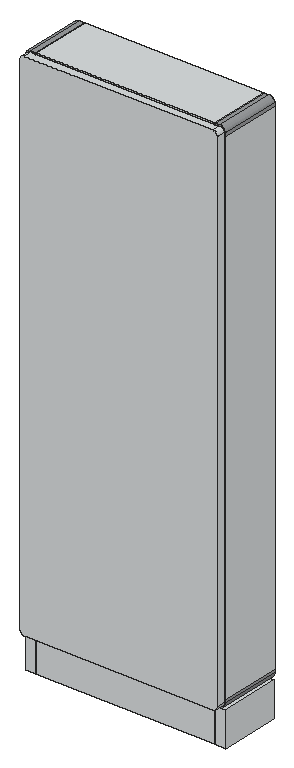
Revit family "Legrand Cabinet XL³ 400 Metal", category Equipement électrique, Revit 2020
Family settings
  Configuration du panneau = Deux colonnes, circuits au sein
  Cote de connecteur circulaire = Utiliser le diamètre
  Type d'élément = Tableau de raccordement
  Numéro OmniClass = 23.80.30.11.17
  Titre OmniClass = Distribution Boards and Control Panels
  Basée sur le plan de construction = Non
  Toujours verticalement = Oui
  Couper avec des vides une fois chargée = Non
  Partagée = Non
  Point de calcul de pièce = Non
Parameters (values of type "020118-020278")
  built-in parameter 1140140 [instance] = 1 (stored number, unit not read)
  depth installation zone = 750 mm
  Material corner = "Plastic"  # constant formula
  Material = "Steel"  # constant formula
  width installation zone = 1245 mm
  height installation zone = [height total (mm)]  # 1600 mm
  installation zone [instance] = yes
  URL = "https://www.legrand.fr/"
  depth (mm) = 200 mm
  handle Board = not(handle Cabinet)  # yes
  handle Cabinet = no
  level installation zone = if(not(plinth), 5 mm, 0 mm)  # 0 mm
  level Cabinet = if(not(plinth), 0 mm, 100 mm)  # 100 mm
  Modèle = "XL³ 400 Metal"
  width (mm) = 575 mm
  IPK (kA) = "52.5"
  IN max (A) = "400"
  ICW (until) (kA) = "25"
  IP without door = "30"
  IP with door = "40"
  IK without door = "07"
  IK with door = "08"
  height total (mm) = 1600 mm
  height = if(not(plinth), [height total (mm)], [height total (mm)] - 100 mm)  # 1500 mm
  Finish = "Epoxipolyester paint deposited by electrostatic powder"
  General Conditions of Use = "https://export.legrand.com/en/terms-of-use-BIM-objects"
  Fabricant = "Legrand"  # constant formula
  RAL = "7035"
  plinth = yes
  Elévation par défaut = 0 mm
  built-in parameter 1140142 [instance] = -1
  built-in parameter 1155100 [instance] = -1
Types (9, lengths in mm): name | height installation zone | handle Board | handle Cabinet | level installation zone | level Cabinet | height total (mm) | height | plinth
  (no name) | 600 | no | yes | 5 | 0 | 600 | 600 | no
  020103-020273 | 600 | no | yes | 5 | 0 | 600 | 600 | no
  020118-020278 | 1600 | yes | no | 0 | 100 | 1600 | 1500 | yes
  020104-020274 | 750 | no | yes | 5 | 0 | 750 | 750 | no
  020105-020275 | 900 | no | yes | 5 | 0 | 900 | 900 | no
  020106-020276 | 1050 | no | yes | 5 | 0 | 1050 | 1050 | no
  020107-020277 | 1200 | no | yes | 5 | 0 | 1200 | 1200 | no
  020108-020278 | 1500 | no | yes | 5 | 0 | 1500 | 1500 | no
  020119-020279 | 1900 | yes | no | 0 | 100 | 1900 | 1800 | yes
Reference planes
  plane 1 "Centre (avant/arrière)": y = 0
  plane 2: z = 0
  plane 3 "Centre (gauche/droite)": x = 0
  plane 4: y = 100
  plane 5: y = -100
  plane 6: x = -287.5
  plane 7: x = 287.5
  plane 8: z = 1600
  plane 9: z = 850
  plane 10: x = -257.5
  plane 11: z = 1575
  plane 12: z = 1583.5
  plane 13: x = -271
  plane 14: z = 1595
  plane 15: z = 105
  plane 16: x = 282.5
  plane 17: x = -282.5
  plane 18: y = 99
  plane 19: y = -76
  plane 20: z = 1596
  plane 21: x = 283.5
  plane 22: z = 104
  plane 23: x = -283.5
  plane 24: x = 272.5
  plane 25: x = -262.5
  plane 26: x = -257.5
  plane 27: x = 257.5
  plane 28: y = -46
  plane 29: y = 69
  plane 30: z = 0
  plane 31 "Niveau coffret": z = 100
  plane 32: z = 117
  plane 33: x = -271
  plane 34: z = 125
Forms (mm)
  Extrusion 1, solid, material "IDS_PLASTIQUE"
    sketch origin (0, 0, 0) x (1, 0, 0) y (0, 0, 1)
      loop
        line (-287.5, 1575) -> (-257.5, 1575) -> (-257.5, 1600) -> (-271, 1600)
        arc (-271, 1600) -> (-282.667, 1595.167) -> (-287.5, 1583.5) r 16.5
        line (-287.5, 1583.5) -> (-287.5, 1575)
      loop
        line (287.5, 1575) -> (287.5, 1583.5)
        arc (287.5, 1583.5) -> (282.667, 1595.167) -> (271, 1600) r 16.5
        line (271, 1600) -> (257.5, 1600) -> (257.5, 1575) -> (287.5, 1575)
      loop
        line (-287.5, 125) -> (-287.5, 116.5)
        arc (-287.5, 116.5) -> (-282.667, 104.833) -> (-271, 100) r 16.5
        line (-271, 100) -> (-257.5, 100) -> (-257.5, 125) -> (-287.5, 125)
      loop
        line (287.5, 125) -> (257.5, 125) -> (257.5, 100) -> (271, 100)
        arc (271, 100) -> (282.667, 104.833) -> (287.5, 116.5) r 16.5
        line (287.5, 116.5) -> (287.5, 125)
    from -100 to 76
  Extrusion 2, solid, material "IDS_ACIER"
    sketch origin (0, 0, 0) x (1, 0, 0) y (0, 0, 1)
      loop
        line (-257.5, 1600) -> (-257.5, 1575) -> (257.5, 1575) -> (257.5, 1600) -> (-257.5, 1600)
      loop
        line (-257.5, 100) -> (257.5, 100) -> (257.5, 125) -> (-257.5, 125) -> (-257.5, 100)
    from -100 to 76
  Extrusion 3, solid, material "IDS_ACIER"
    sketch origin (0, 0, 0) x (1, 0, 0) y (0, 0, 1)
      loop
        line (-287.5, 1575) -> (-287.5, 125) -> (-257.5, 125) -> (-257.5, 1575) -> (-287.5, 1575)
      loop
        line (287.5, 1575) -> (257.5, 1575) -> (257.5, 125) -> (287.5, 125) -> (287.5, 1575)
    from -100 to 76
  Extrusion 4, solid, material "IDS_ACIER"
    sketch origin (0, 0, 0) x (1, 0, 0) y (0, 0, 1)
      loop
        line (-282.5, 1595) -> (-282.5, 105) -> (282.5, 105) -> (282.5, 1595) -> (-282.5, 1595)
    from -100 to -99
  Extrusion 5, solid, material "IDS_ACIER"
    sketch origin (0, 0, 0) x (1, 0, 0) y (0, 0, 1)
      loop
        line (-283.5, 1583.5) -> (-283.5, 116.5)
        arc (-283.5, 116.5) -> (-279.839, 107.661) -> (-271, 104) r 12.5
        line (-271, 104) -> (271, 104)
        arc (271, 104) -> (279.839, 107.661) -> (283.5, 116.5) r 12.5
        line (283.5, 116.5) -> (283.5, 1583.5)
        arc (283.5, 1583.5) -> (279.839, 1592.339) -> (271, 1596) r 12.5
        line (271, 1596) -> (-271, 1596)
        arc (-271, 1596) -> (-279.839, 1592.339) -> (-283.5, 1583.5) r 12.5
    from 76 to 100
  Extrusion 6, solid, material "IDS_ACIER", visible <- "plinth"
    sketch origin (0, 0, 0) x (1, 0, 0) y (0, 1, 0)
      loop
        line (-287.5, 99) -> (-287.5, -76) -> (-257.5, -76) -> (-257.5, 99) -> (-287.5, 99)
      loop
        line (287.5, 99) -> (257.5, 99) -> (257.5, -76) -> (287.5, -76) -> (287.5, 99)
    from 0 to 100
  Extrusion 7, solid, material "IDS_ACIER", visible <- "plinth"
    sketch origin (0, 0, 0) x (1, 0, 0) y (0, 1, 0)
      loop
        line (-257.5, -46) -> (-257.5, -76) -> (257.5, -76) -> (257.5, -46) -> (-257.5, -46)
      loop
        line (-257.5, 99) -> (-257.5, 69) -> (257.5, 69) -> (257.5, 99) -> (-257.5, 99)
    from 0 to 100
Cuts and joins
  joined: Extrusion 2, Extrusion 3, Extrusion 4
Dimensions and locks
  equal spacing: plane 6, plane 3 "Centre (gauche/droite)", plane 7
  equal spacing: plane 4, plane 1 "Centre (avant/arrière)", plane 5
  "width (mm)": plane 6 to plane 7
  "depth (mm)": plane 4 to plane 5
  locked: plane 10 to plane 6 at 30
  locked: plane 8 to plane 11 at 25
  locked: plane 13 to plane 6 at 16.5
  locked: plane 8 to plane 12 at 16.5
  locked: plane 8 to plane 14 at 5
  locked: plane 17 to plane 6 at 5
  locked: plane 7 to plane 16 at 5
  locked: plane 18 to plane 4 at 1
  locked: plane 5 to plane 19 at 24
  locked: plane 7 to plane 21 at 4
  equal spacing: plane 21, plane 3 "Centre (gauche/droite)", plane 23
  locked: plane 7 to plane 24 at 15
  locked: plane 25 to plane 6 at 25
  locked: plane 6 to plane 26 at 30
  equal spacing: plane 26, plane 3 "Centre (gauche/droite)", plane 27
  locked: plane 28 to plane 19 at 30
  locked: plane 18 to plane 29 at 30
  "level installation zone": plane 30 to plane 2
  "level Cabinet": plane 31 "Niveau coffret" to plane 2
  "height": plane 8 to plane 31 "Niveau coffret"
  locked: plane 22 to plane 31 "Niveau coffret" at 4
  equal spacing: plane 8, plane 9, plane 31 "Niveau coffret"
  equal spacing: plane 20, plane 9, plane 22
  locked: plane 15 to plane 31 "Niveau coffret" at 5
  locked: plane 34 to plane 31 "Niveau coffret" at 25
  locked: plane 32 to plane 31 "Niveau coffret" at 17
  aligned and locked: level to plane 2
  aligned and locked: plane 11 to Extrusion 1 sketch curve
  aligned and locked: Extrusion 1 sketch curve to plane 10
  aligned and locked: plane 6 to Extrusion 1 sketch curve
  aligned and locked: plane 4 to Extrusion 1
  aligned and locked: Extrusion 2 sketch curve to plane 8
  aligned and locked: Extrusion 2 sketch curve to Extrusion 1  (x3)
  aligned and locked: plane 4 to Extrusion 2
  aligned and locked: plane 6 to Extrusion 3 sketch curve
  aligned and locked: Extrusion 3 sketch curve to Extrusion 1  (x2)
  aligned and locked: plane 4 to Extrusion 3
  aligned and locked: Extrusion 4 sketch curve to plane 14
  aligned and locked: plane 17 to Extrusion 4 sketch curve
  aligned and locked: plane 15 to Extrusion 4 sketch curve
  aligned and locked: Extrusion 4 sketch curve to plane 16
  aligned and locked: plane 4 to Extrusion 4
  aligned and locked: Extrusion 1 to plane 19
  aligned and locked: Extrusion 1 to Extrusion 3
  aligned and locked: Extrusion 2 to Extrusion 1
  aligned and locked: Extrusion 5 sketch curve to plane 20
  aligned and locked: plane 23 to Extrusion 5 sketch curve
  aligned and locked: plane 22 to Extrusion 5 sketch curve
  aligned and locked: Extrusion 5 sketch curve to plane 21
  aligned and locked: plane 19 to Extrusion 5
  aligned and locked: plane 5 to Extrusion 5
  aligned and locked: cut or joined group of Extrusion 2, Extrusion 3, Extrusion 4 to plane 18
  aligned and locked: plane 19 to Extrusion 6 sketch curve
  aligned and locked: Extrusion 6 sketch curve to plane 26
  aligned and locked: plane 6 to Extrusion 6 sketch curve
  aligned and locked: plane 7 to Extrusion 6 sketch curve
  aligned and locked: Extrusion 6 sketch curve to plane 27
  aligned and locked: Extrusion 6 sketch curve to plane 19
  aligned and locked: plane 18 to Extrusion 6 sketch curve
  aligned and locked: Extrusion 6 sketch curve to plane 18
  aligned and locked: plane 19 to Extrusion 7 sketch curve
  aligned and locked: Extrusion 7 sketch curve to plane 28
  aligned and locked: plane 29 to Extrusion 7 sketch curve
  aligned and locked: Extrusion 7 sketch curve to plane 18
  aligned and locked: Extrusion 7 sketch curve to cut or joined group of Extrusion 2, Extrusion 3, Extrusion 4  (x4)
  aligned and locked: cut or joined group of Extrusion 2, Extrusion 3, Extrusion 4 to Extrusion 3 sketch curve
  aligned and locked: plane 34 to Extrusion 1 sketch curve
  aligned and locked: plane 10 to Extrusion 1 sketch curve
  aligned and locked: Extrusion 1 sketch curve to plane 31 "Niveau coffret"
  aligned and locked: Extrusion 1 sketch curve to plane 6
  aligned and locked: Extrusion 1 sketch curve to plane 13
  aligned and locked: plane 31 "Niveau coffret" to Extrusion 7
  aligned and locked: plane 31 "Niveau coffret" to Extrusion 6
  aligned and locked: Extrusion 7 to plane 30
  aligned and locked: Extrusion 6 to plane 30
Automatic sketch dimensions
  plane 6 to Extrusion 5 sketch curve = 16.5 mm
  Extrusion 5 sketch curve to Extrusion 5 sketch curve = 12.5 mm
  Extrusion 5 sketch curve to plane 7 = 16.5 mm  (x2)
  Extrusion 1 sketch curve to plane 8 = 0 mm  (x2)
  Extrusion 1 sketch curve to plane 13 = 0 mm
  Extrusion 1 sketch curve to plane 34 = 0 mm
  Extrusion 1 sketch curve to plane 31 "Niveau coffret" = 0 mm
  Extrusion 1 sketch curve to plane 11 = 0 mm
  Extrusion 1 sketch curve to plane 12 = 0 mm
  Extrusion 1 sketch curve to plane 7 = 0 mm  (x2)
  Extrusion 1 sketch curve to Extrusion 1 sketch curve = 13.5 mm
  Extrusion 1 sketch curve to plane 24 = 15 mm
  plane 32 to Extrusion 1 sketch curve = 0.5 mm
  Extrusion 2 sketch curve to plane 31 "Niveau coffret" = 0 mm
  plane 25 to Extrusion 2 sketch curve = 5 mm
  Extrusion 2 sketch curve to plane 24 = 15 mm
  plane 31 "Niveau coffret" to Extrusion 2 sketch curve = 25 mm
  Extrusion 3 sketch curve to plane 7 = 0 mm
  Extrusion 3 sketch curve to plane 24 = 15 mm
  plane 31 "Niveau coffret" to Extrusion 3 sketch curve = 25 mm  (x2)
  Extrusion 3 sketch curve to plane 8 = 25 mm
Connectors
  electrical at (0, 100, 850)
    settings: on cut or joined group of Extrusion 2, Extrusion 3, Extrusion 4, index 1, voltage 0 V, apparent load 0 VA, apparent load phase1 0 VA, apparent load phase2 0 VA, apparent load phase3 0 VA, power factor 1, load classification "Autre", number of poles 1, system type 31, power factor state 1, is connector primary yes, connector utility no, sub classification motor no, connector description ""
